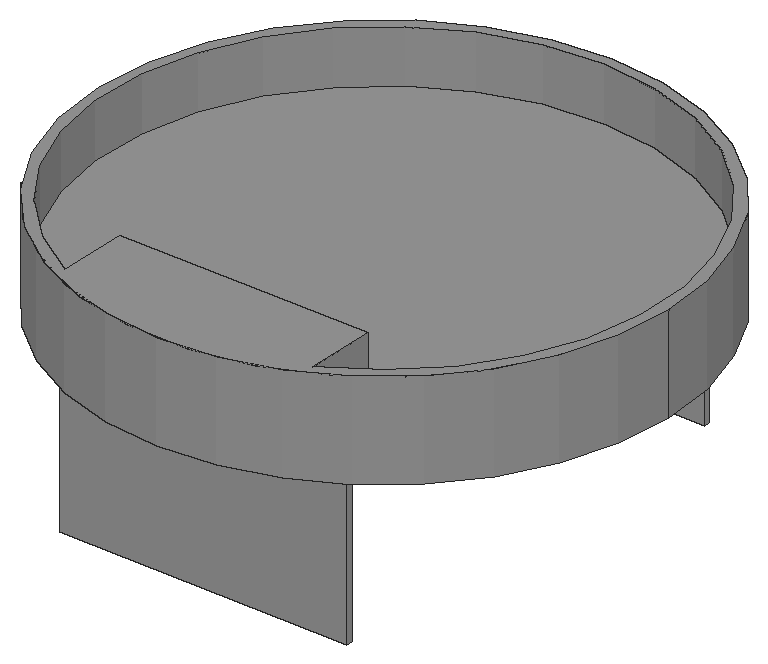
Revit family "Nivellierbare Kassette mit Schnurauslass, RKSRNUZD3, 20-25, 4", category Generic Models, Revit 2015
Parameters (values of type "RKSRN2UZD3R4VS20")
  URL = "http://www.obo-bettermann.com"
  Material = Stainless Steel, Polished
  Manufacturer Art.No. = "7409288"
  Manufacturer = "OBO Bettermann"
  Height 1 = 36.5 mm
  Height = 94 mm
  GTIN = "4012195867678"
  Diameter = 214 mm
  Cut depth = 20 mm
  Article Type = "RKSRN2UZD3R4VS20"
Types (5, lengths in mm): name | Material | Manufacturer Art.No. | GTIN | Cut depth | Article Type
  (no name) | Stainless Steel, Polished | "7409288" | "4012195867678" | 20 | "RKSRN2UZD3R4VS20"
  RKSRN2UZD3R4VS20 | Stainless Steel, Polished | "7409288" | "4012195867678" | 20 | "RKSRN2UZD3R4VS20"
  RKSRN2UZD3R4VS25 | Stainless Steel | "7409290" | "4012195867685" | 25 | "RKSRN2UZD3R4VS25"
  RKSRN2UZD3R4MS20 | Brass, Soft Yellow, Welded | "7409282" | "4012195867630" | 20 | "RKSRN2UZD3R4MS20"
  RKSRN2UZD3R4MS25 | Brass, Soft Yellow, Welded | "7409284" | "4012195867661" | 25 | "RKSRN2UZD3R4MS25"
Reference planes
  plane 1 "Center (Front/Back)": y = 0
  plane 2: z = 0
  plane 3 "Center (Left/Right)": x = 0
  plane 4: z = 57.5
  plane 5: y = 99.5
  plane 6: y = -99.5
  plane 7: z = 94
  plane 8: z = 74
Forms (mm)
  Extrusion 1, solid, material "Stainless Steel, Polished" <- "Material"
    sketch origin (0, 0, 0) x (1, 0, 0) y (0, 1, 0)
      loop
        line (-54, 85) -> (-54, 83) -> (54, 83) -> (54, 85) -> (-54, 85)
      loop
        line (-54, -83) -> (-54, -85) -> (54, -85) -> (54, -83) -> (-54, -83)
    from 0 to 57.5
  Extrusion 2, solid, material "Stainless Steel, Polished" <- "Material"
    sketch origin (0, 0, 0) x (1, 0, 0) y (0, 1, 0)
      loop
        circle (0, 0) r 107
    from 57.5 to 94
  Extrusion 3, void
    sketch origin (0, 0, 0) x (1, 0, 0) y (0, 1, 0)
      loop
        line (-46.5, -91.906) -> (-46.5, -66) -> (46.5, -66) -> (46.5, -91.906)
        arc (46.5, -91.906) -> (0, 103) -> (-46.5, -91.906) r 103
    from 74 to 94
Cuts and joins
  Extrusion 3 cuts Extrusion 1
  Extrusion 3 cuts Extrusion 2
Dimensions and locks
  "Height 1": plane 7 to plane 4
  locked: Extrusion 1 sketch curve to Extrusion 1 sketch curve at 108  (x2)
  locked: Extrusion 1 sketch curve to Extrusion 1 sketch curve at 2  (x2)
  "Cut depth": plane 7 to plane 8
  locked: plane 5 to plane 6 at 199
  equal spacing: plane 5, plane 1 "Center (Front/Back)", plane 6, locked at 99.5 each
  equal spacing: Extrusion 1 sketch curve, plane 3 "Center (Left/Right)", Extrusion 1 sketch curve, locked at 54 each  (x2)
  locked: Extrusion 1 sketch curve to Extrusion 1 sketch curve at 166
  equal spacing: Extrusion 1 sketch curve, plane 1 "Center (Front/Back)", Extrusion 1 sketch curve, locked at 83 each
  locked: Extrusion 3 sketch curve to Extrusion 3 sketch curve at 93
  equal spacing: Extrusion 3 sketch curve, plane 3 "Center (Left/Right)", Extrusion 3 sketch curve, locked at 46.5 each
  locked: Extrusion 2 to Extrusion 3 sketch curve at 41
  "Height": plane 7 to level
  "Diameter": diameter of Extrusion 2 sketch curve
  radius of Extrusion 3 sketch curve = 103 mm
  aligned and locked: level to plane 2
  aligned and locked: plane 7 to Extrusion 2
  aligned and locked: cut or joined group of Extrusion 2, Extrusion 3 to Extrusion 3
  aligned and locked: Extrusion 3 to plane 8
  aligned and locked: Extrusion 1 to level
  aligned and locked: plane 4 to Extrusion 1
  aligned and locked: Extrusion 2 to plane 4
Automatic sketch dimensions
  plane 1 "Center (Front/Back)" to Extrusion 2 sketch curve = 0 mm
  Extrusion 2 sketch curve to plane 3 "Center (Left/Right)" = 0 mm
  Extrusion 3 sketch curve to plane 3 "Center (Left/Right)" = 0 mm
  plane 1 "Center (Front/Back)" to Extrusion 3 sketch curve = 0 mm
